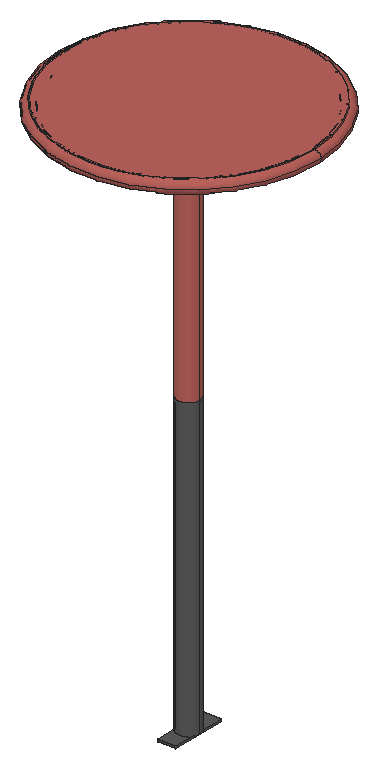
Revit family "product code 61411-F", category Meble, Revit 2021
Family settings
  Numer OmniClass = 23.40.20.00
  Tytuł OmniClass = General Furniture and Specialties
  Oparty na płaszczyźnie roboczej = Nie
  Zawsze pionowo = Tak
  Tnij formami wycięć po wczytaniu = Nie
  Współdzielony = Nie
  Punkt obliczania pomieszczeń = Nie
Parameters (values of type "Sydhavn")
  metal = Kobenhagen RAL 3000
  Width = "70 cm"
  Weight = "25 kg"
  URL = "https://kobenhagen.com/en_US/p/Sydhavn-Small-Table-70-cm/242"
  Product Line = "Sydhavn"
  Product Groups = "Tables"
  Producent = "Lars Laj"
  Keynote = ""
  Opis = "Sydhavn Small Table 70 cm"
  Model = "61411-F"
  Material = "Powder coated steel"
  Maintenance = "We recommend to examine and tighten all screws and bolt clamps after a few weeks’ use. In order to prevent cracks and to extend the life of the wood, it is recommended that the wood details should be oiled every 3-5 years."
  Lenght = "70 cm"
  Type Comments = ""
  Kobenhagen Materials = "larslaj.com/bim"
  Hosted on larslaj.com = "https://larslaj.com/bim"
  Height = "70 cm"
  Domyślna rzędna = 0 mm
  Copyright = "All designs and drawings are the intellectual property of Lars Laj A/S and are protected by Danish and international copyright laws."
Reference planes
  plane 1: z = 0
  plane 2 "Środek (Lewa/Prawa)": x = 0
  plane 3 "Góra": z = 1062.347
  plane 4 "Środek": y = 257.204
Forms (mm)
  Extrusion 1, solid, material "Kobenhagen RAL 3000" <- "metal", not visible
    sketch origin (0, 0, 0) x (0, 1, 0) y (0, 0, 1)
      loop
        arc (71.187, 451.5) -> (57.045, 445.642) -> (51.187, 431.5) r 20
        line (51.187, 431.5) -> (51.187, 18.231)
        arc (51.187, 18.231) -> (56.527, 5.34) -> (69.418, 0) r 18.231
        line (69.418, 0) -> (153.638, 0) -> (153.638, 15) -> (448.638, 15) -> (448.638, 0) -> (527.023, 0)
        arc (527.023, 0) -> (542.307, 6.331) -> (548.638, 21.615) r 21.615
        line (548.638, 21.615) -> (548.638, 429.407)
        arc (548.638, 429.407) -> (542.168, 445.029) -> (526.545, 451.5) r 22.093
        line (526.545, 451.5) -> (71.187, 451.5)
    from 750.378 to 745
  Extrusion 2, solid, material "Kobenhagen RAL 3000" <- "metal", not visible
    sketch origin (0, 0, 0) x (0, 1, 0) y (0, 0, 1)
      loop
        line (548.638, 396.844) -> (629.375, 854.725) -> (601.836, 859.581)
        arc (601.836, 859.581) -> (585.224, 855.898) -> (576.082, 841.547) r 22.232
        line (576.082, 841.547) -> (507.306, 451.5) -> (526.545, 451.5)
        arc (526.545, 451.5) -> (542.168, 445.029) -> (548.638, 429.407) r 22.093
        line (548.638, 429.407) -> (548.638, 396.844)
    from 745 to 750.378
  Extrusion 3, solid, material "Kobenhagen RAL 3000" <- "metal"
    sketch origin (396.607, -18.452, 868.765) x (0, -1, 0) y (1, 0, 0)
      loop
        circle (-275.327, -399.004) r 30.15
      loop
        circle (-275.327, -399.004) r 28.15
    from -202.515 to -868.765
  Extrusion 4, solid, material "Painted Black"
    sketch origin (695.879, -21.874, 0) x (1, 0, 0) y (0, 1, 0)
      loop
        line (-722.97, 354.396) -> (-722.97, 210.396)
        arc (-722.97, 210.396) -> (-722.091, 208.274) -> (-719.97, 207.396) r 3
        line (-719.97, 207.396) -> (-675.97, 207.396)
        arc (-675.97, 207.396) -> (-673.849, 208.274) -> (-672.97, 210.396) r 3
        line (-672.97, 210.396) -> (-672.97, 354.396)
        arc (-672.97, 354.396) -> (-673.849, 356.517) -> (-675.97, 357.396) r 3
        line (-675.97, 357.396) -> (-719.97, 357.396)
        arc (-719.97, 357.396) -> (-722.091, 356.517) -> (-722.97, 354.396) r 3
    from -800 to -795
  Extrusion 5, solid, material "Painted Black"
    sketch origin (396.607, -17.202, 868.765) x (1, 0, 0) y (0, 1, 0)
      loop
        circle (-399.004, 275.327) r 30.15
      loop
        circle (-399.004, 275.327) r 28.15
    from -868.765 to -1663.765
  Extrusion 6, solid, material "Kobenhagen RAL 3000" <- "metal"
    sketch origin (581.466, 257.204, 249.062) x (-1, 0, 0) y (0, 0, 1)
      loop
        line (608.966, 447.188) -> (558.966, 447.188) -> (558.966, 417.188) -> (608.966, 417.188) -> (608.966, 447.188)
      loop
        line (606.966, 445.188) -> (560.966, 445.188) -> (560.966, 419.188) -> (606.966, 419.188) -> (606.966, 445.188)
    from -313.886 to 318.714
  Extrusion 7, solid, material "Kobenhagen RAL 5012", not visible
    sketch origin (-110.268, -19.702, 0) x (0, -1, 0) y (1, 0, 0)
      loop
        circle (-275.327, -399.004) r 30.15
      loop
        circle (-275.327, -399.004) r 28.15
    from 444.1 to 0
  Extrusion 8, solid, material "Kobenhagen RAL 5012", not visible
    sketch origin (239.004, -16.847, 0) x (1, 0, 0) y (0, 1, 0)
      loop
        line (-699.004, 325.327) -> (-799.004, 325.327) -> (-799.004, 225.327) -> (-699.004, 225.327) -> (-699.004, 325.327)
    from 447.05 to 443.488
  Extrusion 9, solid, material "Painted Black", not visible
    sketch origin (189.004, -23.124, 0) x (1, 0, 0) y (0, 1, 0)
      loop
        line (-722.97, 354.396) -> (-722.97, 210.396)
        arc (-722.97, 210.396) -> (-722.091, 208.274) -> (-719.97, 207.396) r 3
        line (-719.97, 207.396) -> (-675.97, 207.396)
        arc (-675.97, 207.396) -> (-673.849, 208.274) -> (-672.97, 210.396) r 3
        line (-672.97, 210.396) -> (-672.97, 354.396)
        arc (-672.97, 354.396) -> (-673.849, 356.517) -> (-675.97, 357.396) r 3
        line (-675.97, 357.396) -> (-719.97, 357.396)
        arc (-719.97, 357.396) -> (-722.091, 356.517) -> (-722.97, 354.396) r 3
    from -800 to -795
  Extrusion 10, solid, material "Painted Black", not visible
    sketch origin (-110.268, -18.452, 0) x (1, 0, 0) y (0, 1, 0)
      loop
        circle (-399.004, 275.327) r 30.15
      loop
        circle (-399.004, 275.327) r 28.15
    from 0 to -795
  Extrusion 11, solid, material "Kobenhagen RAL 3000" <- "metal"
    sketch origin (-5.756, 840.413, 249.062) x (0, -1, 0) y (0, 0, 1)
      loop
        line (608.966, 447.188) -> (558.966, 447.188) -> (558.966, 417.188) -> (608.966, 417.188) -> (608.966, 447.188)
      loop
        line (606.966, 445.188) -> (560.966, 445.188) -> (560.966, 419.188) -> (606.966, 419.188) -> (606.966, 445.188)
    from 21.334 to 313.987
  Extrusion 12, solid, material "Kobenhagen RAL 3000" <- "metal"
    sketch origin (5.756, 841.663, 249.062) x (0, -1, 0) y (0, 0, -1)
      loop
        line (608.966, -447.188) -> (608.966, -417.188) -> (558.966, -417.188) -> (558.966, -447.188) -> (608.966, -447.188)
      loop
        line (606.966, -445.188) -> (606.966, -419.188) -> (560.966, -419.188) -> (560.966, -445.188) -> (606.966, -445.188)
    from 14.744 to 307.1
  Extrusion 13, solid, material "Kobenhagen RAL 3000" <- "metal"
    sketch origin (0, 0, 50) x (1, 0, 0) y (0, 1, 0)
      loop
        circle (-3.444, 259.618) r 333.15
    from 647 to 650
  Sweep 14, solid, material "Kobenhagen RAL 3000" <- "metal"
    path origin (0, 0, 0) x (1, 0, 0) y (0, 1, 0)
      loop
        circle (-3.444, 259.618) r 333.15
    profile origin (-3.444, -73.532, 0) x (0, 1, 0) y (0, 0, 1)
      loop
        circle (0, 683.096) r 16.868
      loop
        circle (0.117, 683.18) r 15.694
Dimensions and locks
  aligned and locked: level to plane 1
